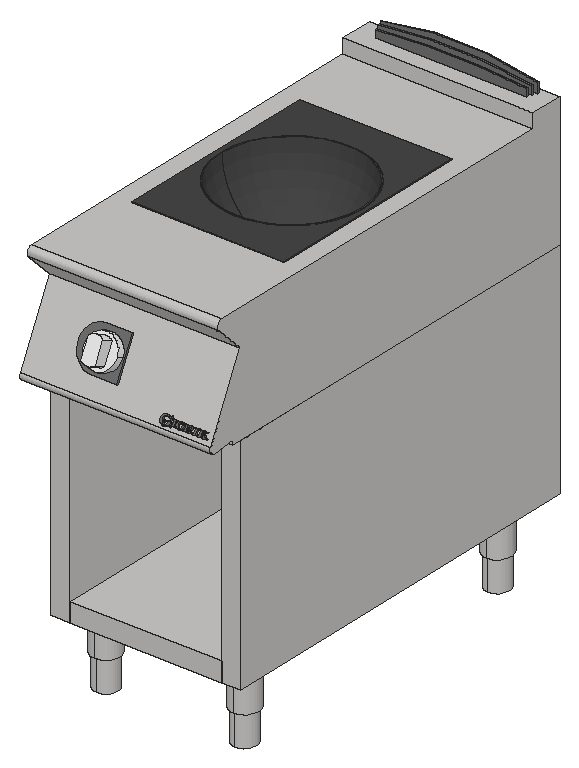
Revit family "QF_GIORIK_CW920G", category Specialty Equipment, Revit 2014
Parameters (values of type "CW920G")
  Weight in Pounds = 165.3465
  Watts = 6000 W
  Volts = 400 V
  URL Cutsheet = "www.giorik.com"
  URL = "www.giorik.com"
  Status [instance] = ""
  Specification by User [instance] = ""
  Specification by Manufacturer = ""
  Show Logo [instance] = yes
  Show Clearance [instance] = yes
  Serial Number = ""
  Seismic Rating = ""
  SMACNA No = ""
  Revision Code [instance] = ""
  Phase = 3
  Number of Poles [instance] = 3
  NAFEM Spec ID Number = ""
  Model = "CW920G"
  Min Ckt Ampacity = 0 A
  Max Overcurrent Protection = 0 A
  Masterspec = ""
  Manufacturer = "GIORIK"
  Item Number [instance] = ""
  Installed By [instance] = ""
  Identify Quantity as Lot [instance] = no
  HP = "8.046120000000"
  Furnished By [instance] = ""
  Foodservice Equipment Identifier [instance] = yes
  FL Amps = 0 A
  Electrical Remarks [instance] = ""
  Electric Connection Type [instance] = ""
  Elec Conn RI Height [instance] = 0 mm
  Elec Conn Connection Height [instance] = 150 mm
  Description = "INDUCTION WOK HOB ON OPEN BASE UNIT"
  Cycle = 50 Hz
  Conn Plug = ""
  CSI MasterFormat = ""
  Assembly Code = "E1090320"
  Apparent Power = 6000 VA
Reference planes
  plane 1 "Back": y = 0
  plane 2: z = 0
  plane 3 "Left": x = 0
  plane 4 "Right": x = 400
  plane 5 "Front": y = -920
  plane 6 "Top": z = 900
Forms (mm)
  Extrusion 1, solid, visible <- "Show Logo"
    sketch origin (196.604, -936.761, 609.486) x (-1, 0, 0) y (0, 0.452718, 0.891654)
      loop
        line (-118.824, 58.358) -> (-127.804, 58.358) -> (-125.523, 56.445) -> (-125.523, 48.027) -> (-127.804, 46.113) -> (-118.824, 46.113) -> (-121.105, 48.027) -> (-121.105, 56.445) -> (-118.824, 58.358)
      loop
        line (-163.721, 58.358) -> (-172.7, 58.358) -> (-170.42, 56.445) -> (-170.42, 48.027) -> (-172.7, 46.113) -> (-163.721, 46.113) -> (-166.001, 48.027) -> (-166.001, 56.445) -> (-163.721, 58.358)
      loop
        line (-174.332, 58.358) -> (-183.312, 58.358) -> (-181.031, 56.445) -> (-181.031, 52.435) -> (-186.419, 56.955) -> (-184.416, 58.358) -> (-191.268, 58.358) -> (-188.01, 56.839) -> (-185.455, 54.283) -> (-190.846, 47.858) -> (-193.396, 46.93) -> (-193.396, 46.113) -> (-184.416, 46.113) -> (-185.437, 47.571) -> (-182.443, 51.552) -> (-181.031, 50.894) -> (-181.031, 48.027) -> (-183.312, 46.113) -> (-174.332, 46.113) -> (-176.613, 48.027) -> (-176.613, 56.445) -> (-174.332, 58.358)
      loop
        line (-115.429, 62.063) -> (-115.429, 54.198)
        arc (-115.429, 54.198) -> (-111.618, 57.803) -> (-106.847, 59.986) r 16.039
        arc (-106.847, 59.986) -> (-103.314, 59.837) -> (-100.512, 57.68) r 5.851
        arc (-100.512, 57.68) -> (-98.815, 52.267) -> (-100.512, 46.853) r 9.479
        arc (-100.512, 46.853) -> (-102.406, 44.986) -> (-104.846, 43.93) r 7.236
        arc (-104.846, 43.93) -> (-107.728, 44.111) -> (-110.052, 45.825) r 5.11
        line (-110.052, 45.825) -> (-110.052, 52.001) -> (-116.141, 52.001) -> (-116.141, 45.503) -> (-117.893, 43.751) -> (-114.094, 44.769)
        arc (-114.094, 44.769) -> (-112.56, 44.947) -> (-111.129, 44.366) r 3.115
        arc (-111.129, 44.366) -> (-104.216, 42.091) -> (-97.303, 44.366) r 11.641
        arc (-97.303, 44.366) -> (-93.396, 52.107) -> (-97.303, 59.849) r 9.622
        arc (-97.303, 59.849) -> (-104.369, 62.174) -> (-111.435, 59.849) r 11.898
        line (-111.435, 59.849) -> (-115.429, 62.063)
      loop
        arc (-129.234, 56.068) -> (-135.893, 58.628) -> (-142.552, 56.068) r 9.941
        arc (-142.552, 56.068) -> (-144.234, 52.286) -> (-142.552, 48.505) r 5.093
        arc (-142.552, 48.505) -> (-135.893, 45.945) -> (-129.234, 48.505) r 9.941
        arc (-129.234, 48.505) -> (-127.552, 52.286) -> (-129.234, 56.068) r 5.093
      loop
        arc (-132.628, 54.403) -> (-135.893, 57.668) -> (-139.158, 54.403) r 3.265
        line (-139.158, 54.403) -> (-139.158, 50.169)
        arc (-139.158, 50.169) -> (-135.893, 46.904) -> (-132.628, 50.169) r 3.265
        line (-132.628, 50.169) -> (-132.628, 54.403)
      loop
        arc (-156.363, 58.365) -> (-159.647, 55.081) -> (-156.363, 51.796) r 3.285
        line (-156.363, 51.796) -> (-159.529, 47.306) -> (-162.087, 46.113) -> (-155.847, 46.113) -> (-153.529, 51.083) -> (-150.637, 51.083) -> (-150.637, 47.784) -> (-153.022, 46.113) -> (-144.011, 46.113) -> (-146.094, 47.68) -> (-146.094, 56.493) -> (-144.229, 58.365) -> (-156.363, 58.365)
      loop
        line (-150.637, 57.512) -> (-153.637, 57.512)
        arc (-153.637, 57.512) -> (-156.237, 54.912) -> (-153.637, 52.312) r 2.6
        line (-153.637, 52.312) -> (-150.637, 52.312) -> (-150.637, 57.512)
      loop
        line (-108.924, 52.001) -> (-104.936, 49.005) -> (-100.948, 52.001) -> (-108.924, 52.001)
    from 1.5 to -0.5
  Extrusion 2, solid
    sketch origin (-16, 1025.81, 0) x (1, 0, 0) y (0, 1, 0)
      loop
        line (25, -1086.81) -> (25, -1156.81) -> (115, -1156.81) -> (115, -1086.81) -> (25, -1086.81)
    from 148 to 150
  Extrusion 3, solid
    sketch origin (-4, 0, 130) x (1, 0, 0) y (0, 1, 0)
      loop
        circle (54, -385) r 12.5
    from 0 to 20
  Extrusion 4, solid
    sketch origin (0, 800, -20) x (0, 1, 0) y (0, 0, 1)
      loop
        line (-800, 919.988) -> (-870, 919.988) -> (-870, 889.988) -> (-1688.806, 889.988)
        arc (-1688.806, 889.988) -> (-1699.151, 883.075) -> (-1696.724, 870.873) r 11.197
        line (-1696.724, 870.873) -> (-1640.876, 815.025) -> (-1718.948, 661.258)
        arc (-1718.948, 661.258) -> (-1718.233, 650.105) -> (-1708.118, 645.354) r 10.981
        line (-1708.118, 645.354) -> (-1660, 649.925) -> (-1660, 640) -> (-800, 640) -> (-800, 919.988)
    from 0 to 400
  Extrusion 5, solid
    sketch origin (0, -200, 599.536) x (1, 0, 0) y (0, 1, 0)
      loop
        line (0, -640) -> (40, -640) -> (40, 160) -> (360, 160) -> (360, -640) -> (400, -640) -> (400, 200) -> (0, 200) -> (0, -640)
    from -449.536 to 20.464
  Extrusion 6, solid
    sketch origin (0, -200, 0) x (1, 0, 0) y (0, 1, 0)
      loop
        line (40, 160) -> (40, -640) -> (360, -640) -> (360, 160) -> (40, 160)
    from 150 to 190
  Extrusion 7, solid
    sketch origin (-16, 360.81, 0) x (1, 0, 0) y (0, 1, 0)
      loop
        line (25, -1086.81) -> (25, -1156.81) -> (115, -1156.81) -> (115, -1086.81) -> (25, -1086.81)
    from 148 to 150
  Revolve 8, solid
    sketch origin (54, 360.81, 0) x (0, 1, 0) y (0, 0, 1)
      loop
        line (-1092.56, 66) -> (-1092.56, 148) -> (-1121.81, 148) -> (-1121.81, 0) -> (-1096.81, 0) -> (-1096.81, 66) -> (-1092.56, 66)
      axis (-1121.81, 0) -> (-1121.81, 148)
    angle from 0 to 360
  Revolve 9, solid
    sketch origin (54, 1025.81, 0) x (0, 1, 0) y (0, 0, 1)
      loop
        line (-1092.56, 66) -> (-1092.56, 148) -> (-1121.81, 148) -> (-1121.81, 0) -> (-1096.81, 0) -> (-1096.81, 66) -> (-1092.56, 66)
      axis (-1121.81, 0) -> (-1121.81, 148)
    angle from 0 to 360
  Extrusion 10, solid
    sketch origin (416, 360.81, 0) x (-1, 0, 0) y (0, -1, 0)
      loop
        line (25, 1086.81) -> (115, 1086.81) -> (115, 1156.81) -> (25, 1156.81) -> (25, 1086.81)
    from 148 to 150
  Revolve 11, solid
    sketch origin (346, 360.81, 0) x (0, 1, 0) y (0, 0, -1)
      loop
        line (-1092.56, -66) -> (-1096.81, -66) -> (-1096.81, 0) -> (-1121.81, 0) -> (-1121.81, -148) -> (-1092.56, -148) -> (-1092.56, -66)
      axis (-1121.81, 0) -> (-1121.81, -148)
    angle from 0 to 360
  Extrusion 12, solid
    sketch origin (416, -1217.81, 0) x (-1, 0, 0) y (0, -1, 0)
      loop
        line (25, -1086.81) -> (25, -1156.81) -> (115, -1156.81) -> (115, -1086.81) -> (25, -1086.81)
    from 148 to 150
  Revolve 13, solid
    sketch origin (346, -1217.81, 0) x (0, -1, 0) y (0, 0, 1)
      loop
        line (-1092.56, 66) -> (-1092.56, 148) -> (-1121.81, 148) -> (-1121.81, 0) -> (-1096.81, 0) -> (-1096.81, 66) -> (-1092.56, 66)
      axis (-1121.81, 0) -> (-1121.81, 148)
    angle from 0 to 360
  Extrusion 14, solid
    sketch origin (-273.221, -1163.345, 52.363) x (1, 0, 0) y (0, 0.452718, 0.891654)
      loop
        line (463.221, 676.25) -> (463.221, 766.25) -> (409.698, 766.25)
        arc (409.698, 766.25) -> (364.698, 721.25) -> (409.698, 676.25) r 45
        line (409.698, 676.25) -> (463.221, 676.25)
    from 48 to 50
  Extrusion 15, solid
    sketch origin (501.331, -1208.697, 74.959) x (-1, 0, 0) y (0, -0.45351, -0.891251)
      loop
        circle (351.331, -721.346) r 35
    from 0 to 15
  Extrusion 16, solid
    sketch origin (501.331, -1208.697, 74.959) x (-1, 0, 0) y (0, -0.45351, -0.891251)
      loop
        arc (336.331, -743.846) -> (351.331, -748.846) -> (366.331, -743.846) r 25
        line (366.331, -743.846) -> (366.331, -698.846)
        arc (366.331, -698.846) -> (351.331, -693.846) -> (336.331, -698.846) r 25
        line (336.331, -698.846) -> (336.331, -743.846)
    from 15 to 40
  Extrusion 17, solid
    sketch origin (-94, 0, -10.001) x (1, 0, 0) y (0, 0, 1)
      loop
        line (135, 909.989) -> (453, 909.989) -> (453, 925.527) -> (347.056, 931.749) -> (240.944, 931.749) -> (135, 925.527) -> (135, 909.989)
    from 32 to 35
  Extrusion 18, solid
    sketch origin (-92, 10, -10.001) x (1, 0, 0) y (0, 0, 1)
      loop
        line (454, 909.989) -> (454, 928.527) -> (346.162, 939.193) -> (237.838, 939.193) -> (130, 928.527) -> (130, 909.989) -> (454, 909.989)
    from 32 to 35
  Extrusion 19, solid
    sketch origin (-90, 20, -10.001) x (1, 0, 0) y (0, 0, 1)
      loop
        line (455, 909.989) -> (455, 930.527) -> (345.396, 947.413) -> (234.604, 947.413) -> (125, 930.527) -> (125, 909.989) -> (455, 909.989)
    from 32 to 35
  Revolve 20, solid
    sketch origin (-0.001, -455, 870.988) x (1, 0, 0) y (0, 0, 1)
      loop
        arc (200, -148) -> (95.348, -104.652) -> (52, 0) r 148
        line (52, 0) -> (50, 0)
        arc (50, 0) -> (93.934, -106.066) -> (200, -150) r 150
        line (200, -150) -> (200, -148)
      axis (200, 0) -> (200, -150)
    angle from 0 to 360
  Revolve 21, void
    sketch origin (-0.001, -455, 869.988) x (1, 0, 0) y (0, 0, 1)
      loop
        arc (50, 0) -> (93.934, -106.066) -> (200, -150) r 150
        line (200, -150) -> (200, 0) -> (50, 0)
      axis (200, 0) -> (200, -150)
    angle from 0 to 360
  Extrusion 22, solid
    sketch origin (0, -100, 868.988) x (0, 1, 0) y (-1, 0, 0)
      loop
        line (-575, -359.999) -> (-135, -359.999) -> (-135, -39.999) -> (-575, -39.999) -> (-575, -359.999)
      loop
        circle (-355, -199.999) r 150
    from 0 to 2
Cuts and joins
  Revolve 21 cuts Extrusion 4
Lines and regions (mm)
  symbolic lines, style "200-EquipBorder-2D"
    curve 1: line (0, -920, 0) -> (400, -920, 0)
    curve 2: line (400, -920, 0) -> (400, 0, 0)
    curve 3: line (400, 0, 0) -> (0, 0, 0)
    curve 4: line (0, 0, 0) -> (0, -920, 0)
    curve 23: line (135, -927.413, 900) -> (135, -920, 900)
    curve 24: line (165, -927.413, 900) -> (165, -920, 900)
    curve 25: arc (135, -927.413, 900) -> (150, -929.747, 900) -> (165, -927.413, 900) r 49.375
  symbolic lines, style "200-EquipInternal-2D"
    curve 5: line (0, -70, 900) -> (400, -70, 900)
    curve 6: line (35, -12, 900) -> (365, -12, 900)
    curve 7: line (365, -12, 900) -> (365, -15, 900)
    curve 8: line (365, -15, 900) -> (35, -15, 900)
    curve 9: line (35, -15, 900) -> (35, -12, 900)
    curve 10: line (38, -22, 900) -> (362, -22, 900)
    curve 11: line (362, -22, 900) -> (362, -25, 900)
    curve 12: line (362, -25, 900) -> (38, -25, 900)
    curve 13: line (38, -25, 900) -> (38, -22, 900)
    curve 14: line (41, -32, 900) -> (359, -32, 900)
    curve 15: line (359, -32, 900) -> (359, -35, 900)
    curve 16: line (359, -35, 900) -> (41, -35, 900)
    curve 17: line (41, -35, 900) -> (41, -32, 900)
    curve 18: circle (199.999, -455, 900) r 150 normal (0, 0, 1)
    curve 19: line (359.999, -235, 900) -> (39.999, -235, 900)
    curve 20: line (39.999, -675, 900) -> (359.999, -675, 900)
    curve 21: line (39.999, -235, 900) -> (39.999, -675, 900)
    curve 22: line (359.999, -675, 900) -> (359.999, -235, 900)
Dimensions and locks
  plane 3 "Left" to plane 4 "Right" = 400 mm
  plane 5 "Front" to plane 1 "Back" = 920 mm
  plane 4 "Right" to plane 3 "Left" = 400 mm
  plane 1 "Back" to plane 5 "Front" = 920 mm
  plane 6 "Top" to level = 900 mm  (x2)
  aligned and locked: level to plane 2
Connectors
  electrical at (50, -385, 130), driven by "Apparent Power", driven by "Volts", driven by "Number of Poles"
    settings: on Extrusion 3, index 1, voltage 400 V, apparent load 0 VA, apparent load phase1 6000 VA, apparent load phase2 0 VA, apparent load phase3 0 VA, power factor 1, load classification "Other", number of poles 3, system type 31, power factor state 1, is connector primary yes, connector utility no, sub classification motor no, connector description "Electrical connection"
